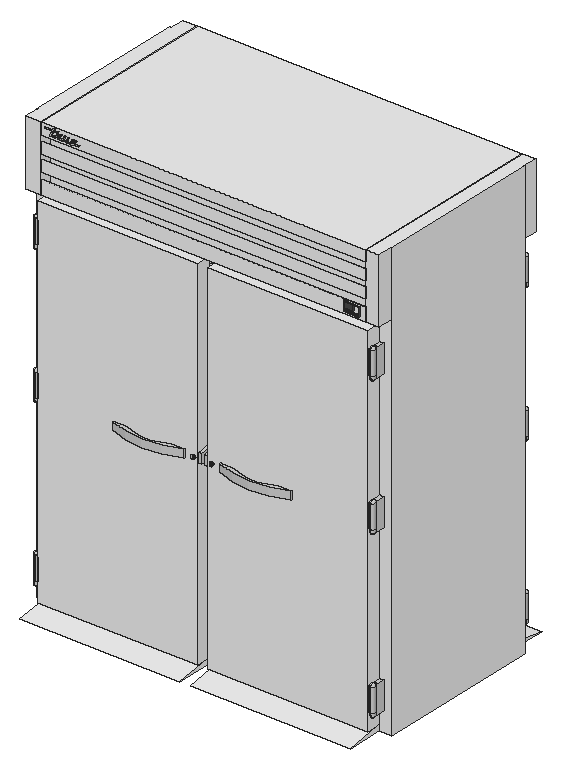
Revit family (continued)
Automatic sketch dimensions
  Extrusion 9 sketch curve to plane 4 "RIGHT" = 6.9933"
  Extrusion 9 sketch curve to Extrusion 9 sketch curve = 1/16"  (x4)
  Extrusion 9 sketch curve to Extrusion 9 sketch curve = 0.1375"  (x3)
  Extrusion 9 sketch curve to Extrusion 9 sketch curve = 1/4"  (x4)
  Extrusion 9 sketch curve to Extrusion 9 sketch curve = 0.44601"
  Extrusion 9 sketch curve to Extrusion 9 sketch curve = 1/2"  (x2)
  Extrusion 9 sketch curve to Extrusion 9 sketch curve = 0.0035"
  Extrusion 9 sketch curve to Extrusion 9 sketch curve = 1.06923"
  plane 11 to Extrusion 9 sketch curve = 1.74114"
  Extrusion 9 sketch curve to Extrusion 9 sketch curve = 0.26876"  (x2)
  Extrusion 9 sketch curve to Extrusion 9 sketch curve = 0"  (x2)
  Extrusion 9 sketch curve to Extrusion 9 sketch curve = 0.34106"
  Extrusion 9 sketch curve to Extrusion 9 sketch curve = 1"
  Extrusion 10 sketch curve to plane 4 "RIGHT" = 3 1/4"
  Extrusion 10 sketch curve to plane 6 "TOP" = 2 1/8"
  Blend 11 sketch curve to plane 9 = 1"
  Blend 11 sketch curve to plane 9 = 1/4"
  Blend 11 sketch curve to plane 11 = 32.41456"
  Blend 11 sketch curve to Blend 11 sketch curve = 1 3/4"
  plane 9 to Blend 11 sketch curve = 1"
  plane 9 to Blend 11 sketch curve = 0.06777"
  plane 11 to Blend 11 sketch curve = 34.76215"
  Blend 11 sketch curve to Blend 11 sketch curve = 2.78233"
  Extrusion 12 sketch curve to plane 5 "FRONT" = 1/2"
  Extrusion 12 sketch curve to Extrusion 12 sketch curve = 0.43503"
  Extrusion 12 sketch curve to Extrusion 12 sketch curve = 0.20453"
  Extrusion 12 sketch curve to Extrusion 12 sketch curve = 1.61044"
  Extrusion 12 sketch curve to plane 11 = 2.97896"
  Extrusion 12 sketch curve to Extrusion 12 sketch curve = 4.39928"
  Extrusion 12 sketch curve to Extrusion 12 sketch curve = 0.71221"
  Revolve 13 sketch curve to plane 5 "FRONT" = 0.07771"  (x2)
  Revolve 13 sketch curve to Revolve 13 sketch curve = 0.38242"
  Revolve 13 sketch curve to Revolve 13 sketch curve = 0.38436"
  Revolve 13 sketch curve to plane 5 "FRONT" = 31/64"
  Revolve 13 sketch curve to Revolve 13 sketch curve = 0.40666"
  Revolve 13 sketch curve to Revolve 13 sketch curve = 0"
  Revolve 13 sketch curve to plane 11 = 2.16117"
  Revolve 13 sketch curve to Revolve 13 sketch curve = 0.55526"
  Revolve 13 sketch curve to Revolve 13 sketch curve = 0.19474"
  Revolve 13 sketch curve to Revolve 13 sketch curve = 0.14649"
  Revolve 13 sketch curve to Revolve 13 sketch curve = 4.42889"
  Revolve 13 sketch curve to Revolve 13 sketch curve = 0.05342"
  Revolve 13 sketch curve to Revolve 13 sketch curve = 0.51246"
  Revolve 13 sketch curve to Revolve 13 sketch curve = 0.05889"
  Extrusion 14 sketch curve to plane 4 "RIGHT" = 1.91491"
  Extrusion 14 sketch curve to Extrusion 14 sketch curve = 0.39759"
  Extrusion 14 sketch curve to plane 11 = 3.05655"
  Extrusion 14 sketch curve to Extrusion 14 sketch curve = 4.47281"
  Extrusion 15 sketch curve to plane 5 "FRONT" = 1/2"
  Extrusion 15 sketch curve to Extrusion 15 sketch curve = 0.43503"
  Extrusion 15 sketch curve to Extrusion 15 sketch curve = 0.20453"
  Extrusion 15 sketch curve to Extrusion 15 sketch curve = 1.61044"
  Extrusion 15 sketch curve to plane 11 = 29.35396"
  Extrusion 15 sketch curve to Extrusion 15 sketch curve = 4.39928"
  Extrusion 15 sketch curve to Extrusion 15 sketch curve = 0.71221"
  Revolve 16 sketch curve to plane 5 "FRONT" = 0.07771"  (x2)
  Revolve 16 sketch curve to Revolve 16 sketch curve = 0.38242"
  Revolve 16 sketch curve to Revolve 16 sketch curve = 0.38436"
  Revolve 16 sketch curve to plane 5 "FRONT" = 31/64"
  Revolve 16 sketch curve to Revolve 16 sketch curve = 0.40666"
  Revolve 16 sketch curve to Revolve 16 sketch curve = 0"
  Revolve 16 sketch curve to plane 11 = 28.53617"
  Revolve 16 sketch curve to Revolve 16 sketch curve = 0.55526"
  Revolve 16 sketch curve to Revolve 16 sketch curve = 0.19474"
  Revolve 16 sketch curve to Revolve 16 sketch curve = 0.14649"
  Revolve 16 sketch curve to Revolve 16 sketch curve = 4.42889"
  Revolve 16 sketch curve to Revolve 16 sketch curve = 0.05342"
  Revolve 16 sketch curve to Revolve 16 sketch curve = 0.51246"
  Revolve 16 sketch curve to Revolve 16 sketch curve = 0.05889"
  Extrusion 17 sketch curve to plane 4 "RIGHT" = 1.91491"
  Extrusion 17 sketch curve to Extrusion 17 sketch curve = 0.39759"
  Extrusion 17 sketch curve to plane 11 = 29.43155"
  Extrusion 17 sketch curve to Extrusion 17 sketch curve = 4.47281"
  Extrusion 18 sketch curve to plane 5 "FRONT" = 1/2"
  Extrusion 18 sketch curve to Extrusion 18 sketch curve = 0.43503"
  Extrusion 18 sketch curve to Extrusion 18 sketch curve = 0.20453"
  Extrusion 18 sketch curve to Extrusion 18 sketch curve = 1.61044"
  level to Extrusion 18 sketch curve = 9.05229"
  Extrusion 18 sketch curve to Extrusion 18 sketch curve = 4.39928"
  Extrusion 18 sketch curve to Extrusion 18 sketch curve = 0.71221"
  Revolve 19 sketch curve to plane 5 "FRONT" = 0.07771"  (x2)
  Revolve 19 sketch curve to Revolve 19 sketch curve = 0.38242"
  Revolve 19 sketch curve to Revolve 19 sketch curve = 0.38436"
  Revolve 19 sketch curve to plane 5 "FRONT" = 31/64"
  Revolve 19 sketch curve to Revolve 19 sketch curve = 0.40666"
  Revolve 19 sketch curve to Revolve 19 sketch curve = 0"
  level to Revolve 19 sketch curve = 9.87008"
  Revolve 19 sketch curve to Revolve 19 sketch curve = 0.55526"
  Revolve 19 sketch curve to Revolve 19 sketch curve = 0.19474"
  Revolve 19 sketch curve to Revolve 19 sketch curve = 0.14649"
  Revolve 19 sketch curve to Revolve 19 sketch curve = 4.42889"
  Revolve 19 sketch curve to Revolve 19 sketch curve = 0.05342"
  Revolve 19 sketch curve to Revolve 19 sketch curve = 0.51246"
  Revolve 19 sketch curve to Revolve 19 sketch curve = 0.05889"
  Extrusion 20 sketch curve to plane 4 "RIGHT" = 1.91491"
  Extrusion 20 sketch curve to Extrusion 20 sketch curve = 0.39759"
  level to Extrusion 20 sketch curve = 8.9747"
  Extrusion 20 sketch curve to Extrusion 20 sketch curve = 4.47281"
  Extrusion 21 sketch curve to level = 0"
  level to Extrusion 21 sketch curve = 1"
  Extrusion 21 sketch curve to plane 5 "FRONT" = 2 3/4"
  plane 5 "FRONT" to Extrusion 21 sketch curve = 4 1/8"
  Extrusion 22 sketch curve to plane 11 = 0"  (x2)
  level to Extrusion 22 sketch curve = 1"  (x2)
  Extrusion 22 sketch curve to plane 4 "RIGHT" = 2 5/16"
  Extrusion 22 sketch curve to plane 9 = 1"
  plane 9 to Extrusion 22 sketch curve = 1"
  Extrusion 22 sketch curve to plane 7 = 17/32"
  plane 9 to Extrusion 23 sketch curve = 1.7609"
  Extrusion 23 sketch curve to Extrusion 23 sketch curve = 0.02035"
  Extrusion 23 sketch curve to Extrusion 23 sketch curve = 0.0555"
  Extrusion 23 sketch curve to plane 11 = 33.0699"
  Extrusion 23 sketch curve to Extrusion 23 sketch curve = 0.27385"
  Extrusion 23 sketch curve to Extrusion 23 sketch curve = 0.29355"
  plane 9 to Blend 24 sketch curve = 1"  (x2)
  plane 9 to Blend 24 sketch curve = 1/4"
  Blend 24 sketch curve to plane 11 = 34.16456"
  Blend 24 sketch curve to Blend 24 sketch curve = 1 3/4"
  plane 9 to Blend 24 sketch curve = 0.06777"
  Blend 24 sketch curve to plane 11 = 34.76215"
  Blend 24 sketch curve to Blend 24 sketch curve = 2.78233"
  Extrusion 25 sketch curve to plane 5 "FRONT" = 1/2"
  Extrusion 25 sketch curve to Extrusion 25 sketch curve = 0.43503"
  Extrusion 25 sketch curve to Extrusion 25 sketch curve = 0.20453"
  Extrusion 25 sketch curve to Extrusion 25 sketch curve = 1.61044"
  Extrusion 25 sketch curve to plane 11 = 8.29498"
  Extrusion 25 sketch curve to Extrusion 25 sketch curve = 0.71221"
  Extrusion 25 sketch curve to plane 11 = 3.18349"
  Revolve 26 sketch curve to plane 5 "FRONT" = 0.07771"  (x2)
  Revolve 26 sketch curve to Revolve 26 sketch curve = 0.38242"
  Revolve 26 sketch curve to Revolve 26 sketch curve = 0.38436"
  Revolve 26 sketch curve to plane 5 "FRONT" = 31/64"
  Revolve 26 sketch curve to Revolve 26 sketch curve = 0.40666"
  Revolve 26 sketch curve to Revolve 26 sketch curve = 0"
  Revolve 26 sketch curve to plane 11 = 8.48344"
  Revolve 26 sketch curve to Revolve 26 sketch curve = 0.32931"
  Revolve 26 sketch curve to Revolve 26 sketch curve = 0.51246"
  Revolve 26 sketch curve to Revolve 26 sketch curve = 0.05342"
  Revolve 26 sketch curve to plane 11 = 3.10046"
  Revolve 26 sketch curve to Revolve 26 sketch curve = 0.04281"
  Revolve 26 sketch curve to Revolve 26 sketch curve = 0.18929"
  Revolve 26 sketch curve to Revolve 26 sketch curve = 0.55526"
  Extrusion 27 sketch curve to plane 7 = 0.92884"
  Extrusion 27 sketch curve to Extrusion 27 sketch curve = 0.39759"
  Extrusion 27 sketch curve to plane 11 = 7.52936"
  Extrusion 27 sketch curve to plane 11 = 3.05655"
  Extrusion 28 sketch curve to plane 5 "FRONT" = 1/2"
  Extrusion 28 sketch curve to Extrusion 28 sketch curve = 0.43503"
  Extrusion 28 sketch curve to Extrusion 28 sketch curve = 0.20453"
  Extrusion 28 sketch curve to Extrusion 28 sketch curve = 1.61044"
  Extrusion 28 sketch curve to plane 11 = 34.66998"
  Extrusion 28 sketch curve to Extrusion 28 sketch curve = 0.71221"
  Extrusion 28 sketch curve to Extrusion 28 sketch curve = 4.39928"
  Revolve 29 sketch curve to plane 5 "FRONT" = 0.07771"  (x2)
  Revolve 29 sketch curve to Revolve 29 sketch curve = 0.38242"
  Revolve 29 sketch curve to Revolve 29 sketch curve = 0.38436"
  Revolve 29 sketch curve to plane 5 "FRONT" = 31/64"
  Revolve 29 sketch curve to Revolve 29 sketch curve = 0.40666"
  Revolve 29 sketch curve to Revolve 29 sketch curve = 0"
  Revolve 29 sketch curve to plane 11 = 34.85844"
  Revolve 29 sketch curve to Revolve 29 sketch curve = 0.32931"
  Revolve 29 sketch curve to Revolve 29 sketch curve = 0.51246"
  Revolve 29 sketch curve to Revolve 29 sketch curve = 0.05342"
  Revolve 29 sketch curve to Revolve 29 sketch curve = 4.42889"
  Revolve 29 sketch curve to Revolve 29 sketch curve = 0.04281"
  Revolve 29 sketch curve to Revolve 29 sketch curve = 0.18929"
  Revolve 29 sketch curve to Revolve 29 sketch curve = 0.55526"
  Extrusion 30 sketch curve to plane 7 = 0.92884"
  Extrusion 30 sketch curve to Extrusion 30 sketch curve = 0.39759"
  Extrusion 30 sketch curve to plane 11 = 33.90436"
  Extrusion 30 sketch curve to Extrusion 30 sketch curve = 4.47281"
  Extrusion 31 sketch curve to plane 5 "FRONT" = 1/2"
  Extrusion 31 sketch curve to Extrusion 31 sketch curve = 0.43503"
  Extrusion 31 sketch curve to Extrusion 31 sketch curve = 0.20453"
  Extrusion 31 sketch curve to Extrusion 31 sketch curve = 1.61044"
  level to Extrusion 31 sketch curve = 3.73627"
  Extrusion 31 sketch curve to Extrusion 31 sketch curve = 0.71221"
  Extrusion 31 sketch curve to Extrusion 31 sketch curve = 4.39928"
  Revolve 32 sketch curve to plane 5 "FRONT" = 0.07771"  (x2)
  Revolve 32 sketch curve to Revolve 32 sketch curve = 0.38242"
  Revolve 32 sketch curve to Revolve 32 sketch curve = 0.38436"
  Revolve 32 sketch curve to plane 5 "FRONT" = 31/64"
  Revolve 32 sketch curve to Revolve 32 sketch curve = 0.40666"
  Revolve 32 sketch curve to Revolve 32 sketch curve = 0"
  level to Revolve 32 sketch curve = 3.54781"
  Revolve 32 sketch curve to Revolve 32 sketch curve = 0.32931"
  Revolve 32 sketch curve to Revolve 32 sketch curve = 0.51246"
  Revolve 32 sketch curve to Revolve 32 sketch curve = 0.05342"
  Revolve 32 sketch curve to Revolve 32 sketch curve = 4.42889"
  Revolve 32 sketch curve to Revolve 32 sketch curve = 0.04281"
  Revolve 32 sketch curve to Revolve 32 sketch curve = 0.18929"
  Revolve 32 sketch curve to Revolve 32 sketch curve = 0.55526"
  Extrusion 33 sketch curve to plane 7 = 0.92884"
  Extrusion 33 sketch curve to Extrusion 33 sketch curve = 0.39759"
  level to Extrusion 33 sketch curve = 4.50189"
  Extrusion 33 sketch curve to Extrusion 33 sketch curve = 4.47281"
  Extrusion 34 sketch curve to Extrusion 22 = 0"  (x2)
  Extrusion 22 to Extrusion 34 sketch curve = 1"
  Extrusion 34 sketch curve to Extrusion 22 = 4 1/8"
  Extrusion 35 sketch curve to Extrusion 22 = 0"  (x3)
  Extrusion 22 to Extrusion 35 sketch curve = 0"
  Extrusion 22 to Extrusion 35 sketch curve = 30 11/16"
  Extrusion 22 to Extrusion 35 sketch curve = 2"
  Extrusion 36 sketch curve to plane 11 = 0"
  Extrusion 36 sketch curve to plane 9 = 1"
  level to Extrusion 36 sketch curve = 1"
  Extrusion 37 sketch curve to plane 1 "BACK" = 0"  (x2)
  Extrusion 37 sketch curve to plane 4 "RIGHT" = 16.93125"
  Extrusion 37 sketch curve to Extrusion 37 sketch curve = 2.4"  (x2)
  Extrusion 37 sketch curve to plane 9 = 10.26875"
  Extrusion 37 sketch curve to Extrusion 37 sketch curve = 0"
  Extrusion 37 sketch curve to plane 1 "BACK" = 0.2"
  plane 1 "BACK" to Extrusion 37 sketch curve = 7.77899"
  Extrusion 37 sketch curve to Extrusion 37 sketch curve = 7.30945"
  Extrusion 38 sketch curve to plane 9 = 1.7609"
  Extrusion 38 sketch curve to Extrusion 38 sketch curve = 0.02035"
  Extrusion 38 sketch curve to Extrusion 38 sketch curve = 0.0555"
  Extrusion 38 sketch curve to plane 11 = 33.0699"
  Extrusion 38 sketch curve to Extrusion 38 sketch curve = 0.27385"
  Extrusion 38 sketch curve to Extrusion 38 sketch curve = 0.29355"
  Blend 39 sketch curve to plane 9 = 1"  (x2)
  Blend 39 sketch curve to plane 9 = 1/4"
  Blend 39 sketch curve to plane 11 = 34.16456"
  Blend 39 sketch curve to Blend 39 sketch curve = 1 3/4"
  Blend 39 sketch curve to plane 9 = 0.06777"
  Blend 39 sketch curve to plane 11 = 34.76215"
  Blend 39 sketch curve to Blend 39 sketch curve = 2.78233"
  plane 1 "BACK" to Extrusion 40 sketch curve = 1/2"
  Extrusion 40 sketch curve to Extrusion 40 sketch curve = 0.43503"
  Extrusion 40 sketch curve to Extrusion 40 sketch curve = 0.20453"
  Extrusion 40 sketch curve to Extrusion 40 sketch curve = 1.61044"
  Extrusion 40 sketch curve to plane 11 = 8.29498"
  Extrusion 40 sketch curve to Extrusion 40 sketch curve = 0.71221"
  Extrusion 40 sketch curve to plane 11 = 3.18349"
  plane 1 "BACK" to Revolve 41 sketch curve = 0.07771"  (x2)
  Revolve 41 sketch curve to Revolve 41 sketch curve = 0.38242"
  Revolve 41 sketch curve to Revolve 41 sketch curve = 0.38436"
  plane 1 "BACK" to Revolve 41 sketch curve = 31/64"
  Revolve 41 sketch curve to Revolve 41 sketch curve = 0.40666"
  Revolve 41 sketch curve to Revolve 41 sketch curve = 0"
  Revolve 41 sketch curve to plane 11 = 8.48344"
  Revolve 41 sketch curve to Revolve 41 sketch curve = 0.32931"
  Revolve 41 sketch curve to Revolve 41 sketch curve = 0.51246"
  Revolve 41 sketch curve to Revolve 41 sketch curve = 0.05342"
  Revolve 41 sketch curve to plane 11 = 3.10046"
  Revolve 41 sketch curve to Revolve 41 sketch curve = 0.04281"
  Revolve 41 sketch curve to Revolve 41 sketch curve = 0.18929"
  Revolve 41 sketch curve to Revolve 41 sketch curve = 0.55526"
  Extrusion 42 sketch curve to plane 4 "RIGHT" = 1.91491"
  Extrusion 42 sketch curve to Extrusion 42 sketch curve = 0.39759"
  Extrusion 42 sketch curve to plane 11 = 7.52936"
  Extrusion 42 sketch curve to plane 11 = 3.05655"
  plane 1 "BACK" to Extrusion 43 sketch curve = 1/2"
  Extrusion 43 sketch curve to Extrusion 43 sketch curve = 0.43503"
  Extrusion 43 sketch curve to Extrusion 43 sketch curve = 0.20453"
  Extrusion 43 sketch curve to Extrusion 43 sketch curve = 1.61044"
  Extrusion 43 sketch curve to plane 11 = 34.66998"
  Extrusion 43 sketch curve to Extrusion 43 sketch curve = 0.71221"
  Extrusion 43 sketch curve to Extrusion 43 sketch curve = 4.39928"
  plane 1 "BACK" to Revolve 44 sketch curve = 0.07771"  (x2)
  Revolve 44 sketch curve to Revolve 44 sketch curve = 0.38242"
  Revolve 44 sketch curve to Revolve 44 sketch curve = 0.38436"
  plane 1 "BACK" to Revolve 44 sketch curve = 31/64"
  Revolve 44 sketch curve to Revolve 44 sketch curve = 0.40666"
  Revolve 44 sketch curve to Revolve 44 sketch curve = 0"
  Revolve 44 sketch curve to plane 11 = 34.85844"
  Revolve 44 sketch curve to Revolve 44 sketch curve = 0.32931"
  Revolve 44 sketch curve to Revolve 44 sketch curve = 0.51246"
  Revolve 44 sketch curve to Revolve 44 sketch curve = 0.05342"
  Revolve 44 sketch curve to Revolve 44 sketch curve = 4.42889"
  Revolve 44 sketch curve to Revolve 44 sketch curve = 0.04281"
  Revolve 44 sketch curve to Revolve 44 sketch curve = 0.18929"
  Revolve 44 sketch curve to Revolve 44 sketch curve = 0.55526"
  Extrusion 45 sketch curve to plane 4 "RIGHT" = 1.91491"
  Extrusion 45 sketch curve to Extrusion 45 sketch curve = 0.39759"
  Extrusion 45 sketch curve to plane 11 = 33.90436"
  Extrusion 45 sketch curve to Extrusion 45 sketch curve = 4.47281"
  plane 1 "BACK" to Extrusion 46 sketch curve = 1/2"
  Extrusion 46 sketch curve to Extrusion 46 sketch curve = 0.43503"
  Extrusion 46 sketch curve to Extrusion 46 sketch curve = 0.20453"
  Extrusion 46 sketch curve to Extrusion 46 sketch curve = 1.61044"
  level to Extrusion 46 sketch curve = 3.73627"
  Extrusion 46 sketch curve to Extrusion 46 sketch curve = 0.71221"
  Extrusion 46 sketch curve to Extrusion 46 sketch curve = 4.39928"
  plane 1 "BACK" to Revolve 47 sketch curve = 0.07771"  (x2)
  Revolve 47 sketch curve to Revolve 47 sketch curve = 0.38242"
  Revolve 47 sketch curve to Revolve 47 sketch curve = 0.38436"
  plane 1 "BACK" to Revolve 47 sketch curve = 31/64"
  Revolve 47 sketch curve to Revolve 47 sketch curve = 0.40666"
  Revolve 47 sketch curve to Revolve 47 sketch curve = 0"
  level to Revolve 47 sketch curve = 3.54781"
  Revolve 47 sketch curve to Revolve 47 sketch curve = 0.32931"
  Revolve 47 sketch curve to Revolve 47 sketch curve = 0.51246"
  Revolve 47 sketch curve to Revolve 47 sketch curve = 0.05342"
  Revolve 47 sketch curve to Revolve 47 sketch curve = 4.42889"
  Revolve 47 sketch curve to Revolve 47 sketch curve = 0.04281"
  Revolve 47 sketch curve to Revolve 47 sketch curve = 0.18929"
  Revolve 47 sketch curve to Revolve 47 sketch curve = 0.55526"
  Extrusion 48 sketch curve to plane 4 "RIGHT" = 1.91491"
  Extrusion 48 sketch curve to Extrusion 48 sketch curve = 0.39759"
  level to Extrusion 48 sketch curve = 4.50189"
  Extrusion 48 sketch curve to Extrusion 48 sketch curve = 4.47281"
  Extrusion 49 sketch curve to Extrusion 36 = 0"  (x2)
  Extrusion 36 to Extrusion 49 sketch curve = 1"
  Extrusion 49 sketch curve to Extrusion 36 = 4 1/8"
  Extrusion 50 sketch curve to plane 11 = 0"
  plane 9 to Extrusion 50 sketch curve = 1"
  level to Extrusion 50 sketch curve = 1"
  Extrusion 51 sketch curve to plane 1 "BACK" = 0"  (x2)
  plane 9 to Extrusion 51 sketch curve = 3 15/32"
  Extrusion 51 sketch curve to Extrusion 51 sketch curve = 2.4"  (x2)
  Extrusion 51 sketch curve to Extrusion 51 sketch curve = 4.4"
  Extrusion 51 sketch curve to Extrusion 51 sketch curve = 0"
  Extrusion 51 sketch curve to Extrusion 51 sketch curve = 0.2"
  plane 1 "BACK" to Extrusion 51 sketch curve = 7.77899"
  Extrusion 51 sketch curve to Extrusion 51 sketch curve = 7.30945"
  plane 9 to Extrusion 52 sketch curve = 1.7609"
  Extrusion 52 sketch curve to Extrusion 52 sketch curve = 0.02035"
  Extrusion 52 sketch curve to Extrusion 52 sketch curve = 0.0555"
  Extrusion 52 sketch curve to plane 11 = 33.6373"
  Extrusion 52 sketch curve to Extrusion 52 sketch curve = 0.29355"
  Extrusion 52 sketch curve to Extrusion 52 sketch curve = 0.27385"
  plane 9 to Blend 53 sketch curve = 1"  (x2)
  plane 9 to Blend 53 sketch curve = 1/4"
  Blend 53 sketch curve to plane 11 = 32.41456"
  Blend 53 sketch curve to Blend 53 sketch curve = 1 3/4"
  plane 9 to Blend 53 sketch curve = 0.06777"
  Blend 53 sketch curve to plane 11 = 31.97982"
  Blend 53 sketch curve to Blend 53 sketch curve = 2.78233"
  plane 1 "BACK" to Extrusion 54 sketch curve = 1/2"
  Extrusion 54 sketch curve to Extrusion 54 sketch curve = 0.43503"
  Extrusion 54 sketch curve to Extrusion 54 sketch curve = 0.20453"
  Extrusion 54 sketch curve to Extrusion 54 sketch curve = 1.61044"
  Extrusion 54 sketch curve to plane 11 = 2.97896"
  Extrusion 54 sketch curve to Extrusion 54 sketch curve = 4.39928"
  Extrusion 54 sketch curve to Extrusion 54 sketch curve = 0.71221"
  plane 1 "BACK" to Revolve 55 sketch curve = 0.07771"  (x2)
  Revolve 55 sketch curve to Revolve 55 sketch curve = 0.38242"
  Revolve 55 sketch curve to Revolve 55 sketch curve = 0.38436"
  plane 1 "BACK" to Revolve 55 sketch curve = 31/64"
  Revolve 55 sketch curve to Revolve 55 sketch curve = 0.40666"
  Revolve 55 sketch curve to Revolve 55 sketch curve = 0"
  Revolve 55 sketch curve to plane 11 = 2.16117"
  Revolve 55 sketch curve to Revolve 55 sketch curve = 0.55526"
  Revolve 55 sketch curve to Revolve 55 sketch curve = 0.19474"
  Revolve 55 sketch curve to Revolve 55 sketch curve = 0.14649"
  Revolve 55 sketch curve to Revolve 55 sketch curve = 4.42889"
  Revolve 55 sketch curve to Revolve 55 sketch curve = 0.05342"
  Revolve 55 sketch curve to Revolve 55 sketch curve = 0.51246"
  Revolve 55 sketch curve to Revolve 55 sketch curve = 0.05889"
  Extrusion 56 sketch curve to plane 7 = 0.92884"
  Extrusion 56 sketch curve to Extrusion 56 sketch curve = 0.39759"
  Extrusion 56 sketch curve to plane 11 = 3.05655"
  Extrusion 56 sketch curve to Extrusion 56 sketch curve = 4.47281"
  plane 1 "BACK" to Extrusion 57 sketch curve = 1/2"
  Extrusion 57 sketch curve to Extrusion 57 sketch curve = 0.43503"
  Extrusion 57 sketch curve to Extrusion 57 sketch curve = 0.20453"
  Extrusion 57 sketch curve to Extrusion 57 sketch curve = 1.61044"
  Extrusion 57 sketch curve to plane 11 = 29.35396"
  Extrusion 57 sketch curve to Extrusion 57 sketch curve = 4.39928"
  Extrusion 57 sketch curve to Extrusion 57 sketch curve = 0.71221"
  plane 1 "BACK" to Revolve 58 sketch curve = 0.07771"  (x2)
  Revolve 58 sketch curve to Revolve 58 sketch curve = 0.38242"
  Revolve 58 sketch curve to Revolve 58 sketch curve = 0.38436"
  plane 1 "BACK" to Revolve 58 sketch curve = 31/64"
  Revolve 58 sketch curve to Revolve 58 sketch curve = 0.40666"
  Revolve 58 sketch curve to Revolve 58 sketch curve = 0"
  Revolve 58 sketch curve to plane 11 = 28.53617"
  Revolve 58 sketch curve to Revolve 58 sketch curve = 0.55526"
  Revolve 58 sketch curve to Revolve 58 sketch curve = 0.19474"
  Revolve 58 sketch curve to Revolve 58 sketch curve = 0.14649"
  Revolve 58 sketch curve to Revolve 58 sketch curve = 4.42889"
  Revolve 58 sketch curve to Revolve 58 sketch curve = 0.05342"
  Revolve 58 sketch curve to Revolve 58 sketch curve = 0.51246"
  Revolve 58 sketch curve to Revolve 58 sketch curve = 0.05889"
  Extrusion 59 sketch curve to plane 7 = 0.92884"
  Extrusion 59 sketch curve to Extrusion 59 sketch curve = 0.39759"
  Extrusion 59 sketch curve to plane 11 = 29.43155"
  Extrusion 59 sketch curve to Extrusion 59 sketch curve = 4.47281"
  plane 1 "BACK" to Extrusion 60 sketch curve = 1/2"
  Extrusion 60 sketch curve to Extrusion 60 sketch curve = 0.43503"
  Extrusion 60 sketch curve to Extrusion 60 sketch curve = 0.20453"
  Extrusion 60 sketch curve to Extrusion 60 sketch curve = 1.61044"
  level to Extrusion 60 sketch curve = 9.05229"
  Extrusion 60 sketch curve to Extrusion 60 sketch curve = 4.39928"
  Extrusion 60 sketch curve to Extrusion 60 sketch curve = 0.71221"
  plane 1 "BACK" to Revolve 61 sketch curve = 0.07771"  (x2)
  Revolve 61 sketch curve to Revolve 61 sketch curve = 0.38242"
  Revolve 61 sketch curve to Revolve 61 sketch curve = 0.38436"
  plane 1 "BACK" to Revolve 61 sketch curve = 31/64"
  Revolve 61 sketch curve to Revolve 61 sketch curve = 0.40666"
  Revolve 61 sketch curve to Revolve 61 sketch curve = 0"
  level to Revolve 61 sketch curve = 9.87008"
  Revolve 61 sketch curve to Revolve 61 sketch curve = 0.55526"
  Revolve 61 sketch curve to Revolve 61 sketch curve = 0.19474"
  Revolve 61 sketch curve to Revolve 61 sketch curve = 0.14649"
  Revolve 61 sketch curve to Revolve 61 sketch curve = 4.42889"
  Revolve 61 sketch curve to Revolve 61 sketch curve = 0.05342"
  Revolve 61 sketch curve to Revolve 61 sketch curve = 0.51246"
  Revolve 61 sketch curve to Revolve 61 sketch curve = 0.05889"
  Extrusion 62 sketch curve to plane 7 = 0.92884"
  Extrusion 62 sketch curve to Extrusion 62 sketch curve = 0.39759"
  level to Extrusion 62 sketch curve = 8.9747"
  Extrusion 62 sketch curve to Extrusion 62 sketch curve = 4.47281"
  Extrusion 63 sketch curve to Extrusion 50 = 0"
  Extrusion 50 to Extrusion 63 sketch curve = 0"
  Extrusion 50 to Extrusion 63 sketch curve = 1"
  Extrusion 63 sketch curve to Extrusion 50 = 4 1/8"
  Extrusion 64 sketch curve to Extrusion 50 = 0"  (x3)
  Extrusion 50 to Extrusion 64 sketch curve = 0"
  Extrusion 50 to Extrusion 64 sketch curve = 30 11/16"
  Extrusion 50 to Extrusion 64 sketch curve = 2"
  Extrusion 3 to Extrusion 65 sketch curve = 0"  (x2)
  Extrusion 65 sketch curve to Extrusion 3 = 1"
  Extrusion 65 sketch curve to Extrusion 65 sketch curve = 1"
  Extrusion 3 to Extrusion 65 sketch curve = 29.3"  (x2)
  Extrusion 65 sketch curve to Extrusion 65 sketch curve = 4"  (x2)
  plane 5 "FRONT" to Extrusion 66 sketch curve = 0"  (x2)
  Extrusion 66 sketch curve to plane 9 = 3 15/32"
  Extrusion 66 sketch curve to Extrusion 66 sketch curve = 2.4"  (x2)
  Extrusion 66 sketch curve to Extrusion 66 sketch curve = 4.4"
  Extrusion 66 sketch curve to Extrusion 66 sketch curve = 0"
  Extrusion 66 sketch curve to Extrusion 66 sketch curve = 0.2"
  Extrusion 66 sketch curve to plane 5 "FRONT" = 7.77899"
  Extrusion 66 sketch curve to Extrusion 66 sketch curve = 7.30945"
  plane 5 "FRONT" to Extrusion 67 sketch curve = 0"  (x2)
  plane 7 to Extrusion 67 sketch curve = 14.0875"
  Extrusion 67 sketch curve to Extrusion 67 sketch curve = 2.4"  (x2)
  plane 9 to Extrusion 67 sketch curve = 10.26875"
  Extrusion 67 sketch curve to Extrusion 67 sketch curve = 0"
  plane 5 "FRONT" to Extrusion 67 sketch curve = 0.2"
  Extrusion 67 sketch curve to plane 5 "FRONT" = 7.77899"
  Extrusion 67 sketch curve to Extrusion 67 sketch curve = 7.30945"
  radius of Extrusion 6 sketch curve = 0.35"
  radius of Extrusion 10 sketch curve = 1/4"
  radius of Extrusion 23 sketch curve = 0.35"
  radius of Extrusion 38 sketch curve = 0.35"
  radius of Extrusion 52 sketch curve = 0.35"
Connectors (in)
  electrical at (64.75, -0.0625, 81.625), driven by "Volts", driven by "Watts"
    settings: on Extrusion 10, index 1, voltage 115 V, apparent load 4000 VA, apparent load phase1 0 VA, apparent load phase2 0 VA, apparent load phase3 0 VA, power factor 1, load classification "Other", number of poles 1, system type 30, power factor state 1, is connector primary yes, connector utility no, sub classification motor no, connector description "Electrical Connection"
